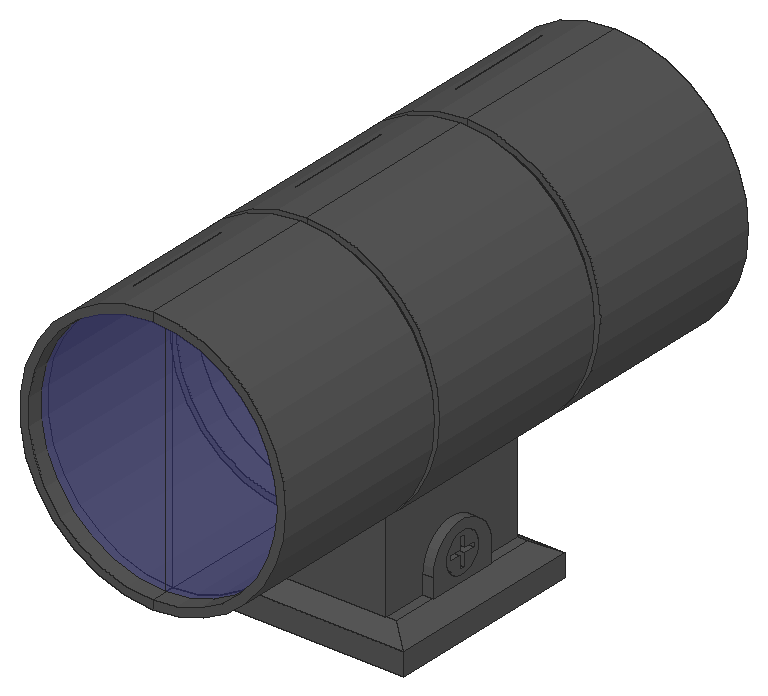
Revit family "CARLO CYLINDER LIGHT WALL MOUNT", category Lighting Fixtures, host Face, Revit 2020 (continued)
Parameters (values of type "CCL6-13-35SPSW8-PC-25-WM-BK")
    27.1 \r\n 2530.4 2735.7 2942.7 3149.5 3355.6 3560.1 3762.7 3965.2 4160.2 4339.4 \r\n 4507.2 4665.7 4812.8 4948 5069.2 5173.6 5263.3 5338.9 5403.2 5459.5 \r\n 5509.6 \r\n5444.5 5439.9 5380.1 5312.9 5233.2 5135.2 5022.9 4898.8 4762 4612.4 \r\n 4449.5 4271.9 4082.4 3881.6 3674.9 3467.6 3260.2 3055.4 2851.1 2645.9 \r\n 2441.2 2235.2 2036.4 1853.1 1684.7 1533.7 1398.1 1277.4 1170 1074.4 \r\n 990.84 919.72 858.99 807 762.81 725.09 693.28 666.72 644.39 625.11 \r\n 608.71 594.72 582.81 572.57 563.8 556.2 549.54 543.47 538.01 533.08 \r\n 528.64 524.77 521.12 517.25 513.58 510.61 507.72 504.21 500.87 498.59 \r\n 496.49 493.71 491.12 489.58 488.2 486.33 484.09 481.43 478.17 474.86 \r\n 469.17 458.88 444.21 424.14 400.2 373.36 344.21 313.34 281.7 250.59 \r\n 219.52 187.94 157.32 128.72 102.77 79.83 61.697 51.475 45.587 41.716 \r\n 39.189 36.433 33.834 31.217 28.686 26.211 24.018 22.428 21.116 19.846 \r\n 18.668 17.556 16.495 15.46 14.449 13.445 12.471 11.547 10.673 9.8716 \r\n 9.1019 8.3134 7.5571 6.8702 6.2443 5.685 5.1869 4.7462 4.3634 4.0465 \r\n 3.7699 3.5064 3.2682 3.06 2.877 2.7185 2.5768 2.4433 2.32 2.2063 \r\n 2.1014 2.0047 1.9153 1.8326 1.7559 1.6849 1.6174 1.5505 1.4853 1.4218 \r\n 1.3603 1.3013 1.2439 1.1872 1.1316 1.0771 1.0243 0.97488 0.92587 0.87272 \r\n 0.82137 0.77877 0.7374 0.68984 0.64278 0.60185 0.56278 0.52161 0.48308 0.45321 \r\n 0.4242 0.38776 0.35147 0.32095 0.29378 0.27141 0.24779 0.21708 0.18614 0.16203 \r\n 0.13826 0.1108 0.079388 0.036014 0 0 0 0 0 0 \r\n 0 0 0 0 0 0 0 0.040896 0.089542 0.12319 \r\n 0.15154 0.17555 0.19878 0.22676 0.25446 0.27737 0.29951 0.32558 0.35623 0.39655 \r\n 0.43783 0.46975 0.50217 0.54422 0.58768 0.62485 0.66324 0.71015 0.75848 0.80131 \r\n 0.8454 0.89727 0.9507 1.0002 1.05 1.1031 1.1578 1.2129 1.2689 1.3255 \r\n 1.384 1.4455 1.5096 1.5763 1.6448 1.7131 1.7843 1.8605 1.9429 2.0337 \r\n 2.1321 2.2378 2.3514 2.4728 2.604 2.7441 2.9013 3.0819 3.2901 3.5358 \r\n 3.808 4.09 4.4101 4.7907 5.2333 5.7537 6.3315 6.9452 7.6134 8.3604 \r\n 9.1482 9.9381 10.756 11.612 12.519 13.511 14.534 15.528 16.553 17.662 \r\n 18.823 19.989 21.263 22.672 24.391 26.744 29.307 31.693 34.114 36.597 \r\n 39.3 41.555 45.857 54.595 67.422 85.275 106.68 130.24 156.69 187.11 \r\n 219.18 250.84 282.48 314.14 344.88 373.94 400.72 424.65 444.88 460.16 \r\n 471.07 476.95 480.33 483.76 486.58 488.97 491.03 492.73 494.6 497.41 \r\n 500.36 502.61 505.03 508.48 512.12 515.16 518.28 522.06 526.09 530.08 \r\n 534.29 538.89 543.91 549.35 555.46 562.36 570.33 579.55 590.35 602.98 \r\n 617.8 635.02 655.29 678.84 707 740.31 781.3 833.7 894.39 960.9 \r\n 1035 1116 1208.8 1318.4 1444 1586.7 1744.7 1917 2102.4 2301.6 \r\n 2507.5 2712.5 2918.3 3123.8 3329.3 3534.9 3739.4 3943.9 4141.4 4324.5 \r\n 4496 4656.2 4804.3 4939.9 5062.1 5169.8 5263 5340 5405.1 5462.5 \r\n 5509.6 \r\n5444.5 5461 5402.8 5337 5258.8 5162.6 5052 4929.1 4793.3 4644.5 \r\n 4482.8 4308.1 4121.4 3921.9 3715.9 3509.8 3303.2 3098.4 2893.9 2689.3 \r\n 2484.7 2276.9 2075.9 1891 1720.4 1565.7 1426.4 1303.4 1194.5 1097.9 \r\n 1013.1 939.24 875.41 820.66 774.11 734.91 702.04 674.52 651.43 631.62 \r\n 614.78 600.31 587.96 577.36 568.26 560.36 553.47 547.29 541.77 536.78 \r\n 532.26 528.2 524.35 520.3 516.52 513.56 510.7 507.11 503.69 501.38 \r\n 499.25 496.4 493.73 492.16 490.78 488.94 486.75 484.16 480.97 477.74 \r\n 472.06 461.53 446.63 426.56 402.66 375.75 346.49 315.45 283.58 252.12 \r\n 220.68 188.74 157.88 129.4 103.7 81.126 63.122 52.19 45.527 41.53 \r\n 39.093 36.439 33.974 31.496 29.058 26.539 24.253 22.583 21.207 19.932 \r\n 18.761 17.627 16.543 15.509 14.504 13.494 12.515 11.597 10.73 9.9262 \r\n 9.1514 8.358 7.5994 6.9197 6.2995 5.7323 5.2243 4.7811 4.3974 4.0774 \r\n 3.7973 3.5306 3.2899 3.0812 2.8983 2.7398 2.5983 2.4655 2.3426 2.2283 \r\n 2.1225 2.0247 1.9345 1.8514 1.7744 1.7028 1.6341 1.565 1.4979 1.4346 \r\n 1.3737 1.3149 1.2576 1.201 1.1455 1.0907 1.0373 0.98695 0.9371 0.88414 \r\n 0.83317 0.79049 0.7488 0.70027 0.65275 0.61382 0.57639 0.5334 0.49241 0.46199 \r\n 0.43208 0.39186 0.35216 0.32187 0.29603 0.27455 0.25167 0.22194 0.19171 0.16761 \r\n 0.14348 0.11557 0.083289 0.037883 0 0 0 0 0 0 \r\n 0 0 0 0 0 0 0 0.037883 0.083289 0.11557 \r\n 0.14348 0.16761 0.19171 0.22194 0.25167 0.27455 0.29603 0.32187 0.35216 0.39186 \r\n 0.43208 0.46199 0.49241 0.5334 0.57639 0.61382 0.65275 0.70027 0.7488 0.79049 \r\n 0.83317 0.88414 0.9371 0.98695 1.0373 1.0907 1.1455 1.201 1.2576 1.3149 \r\n 1.3737 1.4346 1.4979 1.565 1.6341 1.7028 1.7744 1.8514 1.9345 2.0247 \r\n 2.1225 2.2283 2.3426 2.4655 2.5983 2.7398 2.8983 3.0812 3.2899 3.5306 \r\n 3.7973 4.0774 4.3974 4.7811 5.2243 5.7323 6.2995 6.9197 7.5994 8.358 \r\n 9.1514 9.9262 10.73 11.597 12.515 13.494 14.504 15.509 16.543 17.627 \r\n 18.761 19.932 21.207 22.583 24.254 26.539 29.058 31.496 33.974 36.439 \r\n 39.093 41.53 45.527 52.19 63.122 81.126 103.7 129.4 157.88 188.74 \r\n 220.68 252.12 283.58 315.45 346.49 375.75 402.66 426.56 446.63 461.53 \r\n 472.06 477.74 480.97 484.16 486.75 488.94 490.78 492.16 493.73 496.4 \r\n 499.25 501.38 503.69 507.11 510.7 513.56 516.52 520.3 524.35 528.2 \r\n 532.26 536.78 541.77 547.29 553.47 560.36 568.26 577.36 587.96 600.31 \r\n 614.78 631.62 651.43 674.52 702.04 734.91 774.11 820.66 875.41 939.24 \r\n 1013.1 1097.9 1194.5 1303.4 1426.4 1565.7 1720.4 1891 2075.9 2276.9 \r\n 2484.7 2689.3 2893.9 3098.4 3303.2 3509.8 3715.9 3921.9 4121.4 4308.1 \r\n 4482.8 4644.5 4793.3 4929.1 5052 5162.6 5258.8 5337 5402.8 5461 \r\n 5509.6 \r\n5444.5 5462.5 5405.1 5340 5263 5169.8 5062.1 4939.9 4804.3 4656.2 \r\n 4496 4324.5 4141.4 3943.9 3739.4 3534.9 3329.3 3123.8 2918.3 2712.5 \r\n 2507.5 2301.6 2102.4 1917 1744.7 1586.7 1444 1318.4 1208.8 1116 \r\n 1035 960.9 894.39 833.7 781.3 740.31 707 678.84 655.29 635.02 \r\n 617.8 602.98 590.35 579.55 570.33 562.36 555.46 549.35 543.91 538.89 \r\n 534.29 530.08 526.09 522.06 518.28 515.16 512.12 508.48 505.03 502.61 \r\n 500.36 497.41 494.6 492.73 491.03 488.97 486.58 483.76 480.33 476.95 \r\n 471.07 460.16 444.88 424.65 400.72 373.94 344.88 314.14 282.48 250.84 \r\n 219.18 187.11 156.69 130.24 106.68 85.275 67.422 54.595 45.857 41.555 \r\n 39.3 36.597 34.114 31.693 29.307 26.744 24.391 22.672 21.263 19.989 \r\n 18.823 17.662 16.553 15.528 14.534 13.511 12.519 11.612 10.756 9.9381 \r\n 9.1482 8.3604 7.6134 6.9452 6.3315 5.7537 5.2333 4.7907 4.4101 4.09 \r\n 3.808 3.5358 3.2901 3.0819 2.9013 2.7441 2.604 2.4728 2.3514 2.2378 \r\n 2.1321 2.0337 1.9429 1.8605 1.7843 1.7131 1.6448 1.5763 1.5096 1.4455 \r\n 1.384 1.3255 1.2689 1.2129 1.1578 1.1031 1.05 1.0002 0.9507 0.89727 \r\n 0.8454 0.80131 0.75848 0.71015 0.66324 0.62485 0.58768 0.54422 0.50217 0.46975 \r\n 0.43783 0.39655 0.35623 0.32558 0.29951 0.27737 0.25446 0.22676 0.19878 0.17555 \r\n 0.15154 0.12319 0.089542 0.040896 0 0 0 0 0 0 \r\n 0 0 0 0 0 0 0 0.036014 0.079388 0.1108 \r\n 0.13826 0.16203 0.18614 0.21708 0.24779 0.27141 0.29378 0.32095 0.35147 0.38776 \r\n 0.4242 0.45321 0.48308 0.52161 0.56278 0.60185 0.64278 0.68984 0.7374 0.77877 \r\n 0.82137 0.87272 0.92587 0.97488 1.0243 1.0771 1.1316 1.1872 1.2439 1.3013 \r\n 1.3603 1.4218 1.4853 1.5505 1.6174 1.6849 1.7559 1.8326 1.9153 2.0047 \r\n 2.1014 2.2063 2.32 2.4433 2.5768 2.7185 2.877 3.06 3.2682 3.5064 \r\n 3.7699 4.0465 4.3634 4.7462 5.1869 5.685 6.2443 6.8702 7.5571 8.3134 \r\n 9.1019 9.8716 10.673 11.547 12.471 13.445 14.449 15.46 16.495 17.556 \r\n 18.668 19.846 21.116 22.428 24.018 26.211 28.686 31.217 33.834 36.433 \r\n 39.189 41.716 45.587 51.475 61.697 79.83 102.77 128.72 157.32 187.94 \r\n 219.52 250.59 281.7 313.34 344.21 373.36 400.2 424.14 444.21 458.88 \r\n 469.17 474.86 478.17 481.43 484.09 486.33 488.2 489.58 491.12 493.71 \r\n 496.49 498.59 500.87 504.21 507.72 510.61 513.58 517.25 521.12 524.77 \r\n 528.64 533.08 538.01 543.47 549.54 556.2 563.8 572.57 582.81 594.72 \r\n 608.71 625.11 644.39 666.72 693.28 725.09 762.81 807 858.99 919.72 \r\n 990.84 1074.4 1170 1277.4 1398.1 1533.7 1684.7 1853.1 2036.4 2235.2 \r\n 2441.2 2645.9 2851.1 3055.4 3260.2 3467.6 3674.9 3881.6 4082.4 4271.9 \r\n 4449.5 4612.4 4762 4898.8 5022.9 5135.2 5233.2 5312.9 5380.1 5439.9 \r\n 5509.6 \r\n5444.5 5459.5 5403.2 5338.9 5263.3 5173.6 5069.2 4948 4812.8 4665.7 \r\n 4507.2 4339.4 4160.2 3965.2 3762.7 3560.1 3355.6 3149.5 2942.7 2735.7 \r\n 2530.4 2327.1 2130.3 1944.7 1770.6 1609.2 1463 1334.8 1224.3 1135.5 \r\n 1058.5 984.1 914.67 847.54 788.79 745.85 712.03 683.14 659.03 638.21 \r\n 620.49 605.28 592.33 581.33 571.99 563.97 557.07 551.05 545.68 540.64 \r\n 535.97 531.63 527.54 523.58 519.84 516.53 513.29 509.63 506.16 503.61 \r\n 501.2 498.15 495.18 492.96 490.88 488.56 485.92 482.8 479.09 475.5 \r\n 469.42 458.26 442.78 422.49 398.62 372.07 343.33 313.01 281.65 249.89 \r\n 218.09 185.97 156.1 131.83 110.56 90.324 72.522 57.526 46.438 41.753 \r\n 39.662 36.87 34.332 31.943 29.593 26.991 24.578 22.807 21.356 20.074 \r\n 18.904 17.715 16.583 15.563 14.578 13.541 12.536 11.641 10.795 9.9597 \r\n 9.1525 8.3718 7.638 6.9798 6.3707 5.7819 5.2488 4.8058 4.4272 4.1058 \r\n 3.8209 3.5423 3.2911 3.0828 2.9039 2.7475 2.6083 2.4785 2.3584 2.2454 \r\n 2.1398 2.0408 1.9495 1.8677 1.7923 1.7216 1.6539 1.5866 1.5206 1.4557 \r\n 1.3932 1.3351 1.2792 1.2237 1.1691 1.1148 1.062 1.0129 0.96393 0.91006 \r\n 0.85722 0.81151 0.76738 0.71939 0.67321 0.63505 0.59787 0.55433 0.51164 0.47709 \r\n 0.44311 0.40157 0.3614 0.33036 0.30372 0.28047 0.25722 0.2317 0.20621 0.18391 \r\n 0.16005 0.13145 0.096555 0.044309 0 0 0 0 0 0 \r\n 0 0 0 0 0 0 0 0.035089 0.077388 0.1081 \r\n 0.13507 0.15852 0.18259 0.21391 0.24533 0.26999 0.2937 0.32247 0.35328 0.38577 \r\n 0.41808 0.44652 0.47628 0.51233 0.55159 0.59246 0.63552 0.68191 0.72835 0.76972 \r\n 0.81266 0.86458 0.91799 0.96607 1.0143 1.0665 1.1206 1.1762 1.233 1.2904 \r\n 1.3494 1.4118 1.4755 1.5385 1.6028 1.669 1.7392 1.8155 1.8977 1.9862 \r\n 2.082 2.1858 2.2987 2.4225 2.5566 2.6984 2.8568 3.0399 3.2479 3.4847 \r\n 3.7462 4.0204 4.3349 4.7167 5.1553 5.6451 6.1982 6.8304 7.5241 8.2761 \r\n 9.0587 9.827 10.63 11.509 12.438 13.409 14.41 15.426 16.462 17.503 \r\n 18.595 19.785 21.053 22.304 23.814 25.913 28.343 30.974 33.746 36.508 \r\n 39.4 42.001 45.847 51.465 61.455 79.745 102.87 128.75 157.14 187.44 \r\n 218.63 249.31 280.05 311.36 341.94 370.87 397.55 421.44 441.43 455.75 \r\n 465.73 471.44 474.88 478.27 481.06 483.41 485.38 486.84 488.41 490.95 \r\n 493.66 495.77 498.05 501.29 504.72 507.67 510.68 514.21 517.88 521.31 \r\n 524.99 529.33 534.2 539.56 545.48 551.88 559.15 567.59 577.45 588.93 \r\n 602.48 618.5 637.31 658.91 684.55 715.3 751.75 794.42 844.51 902.65 \r\n 971.13 1052.8 1146.6 1252 1370.3 1502.3 1649.8 1816.2 1997.5 2193.2 \r\n 2396.8 2601.5 2807.5 3011.9 3217 3425.2 3633.4 3840.6 4042.3 4234.2 \r\n 4414.3 4578.1 4728.4 4866.2 4991.4 5105 5204.3 5285.3 5353.9 5415.2 \r\n 5509.6 \r\n5444.5 5453.7 5398.8 5335.6 5261.8 5175.8 5075.2 4955.4 4821.2 4675.5 \r\n 4519.2 4355.2 4180.1 3988.2 3788.2 3587.8 3384.6 3178 2970.2 2762.1 \r\n 2556.5 2356.1 2162.1 1976 1799.9 1635.2 1485.5 1354.4 1242.7 1157.2 \r\n 1083.5 1008.4 935.81 862.25 797.2 752.17 717.65 687.86 663.04 641.51 \r\n 623.17 607.46 594.14 582.91 573.42 565.32 558.41 552.44 547.14 542.07 \r\n 537.34 532.9 528.74 524.87 521.21 517.73 514.3 510.63 507.16 504.46 \r\n 501.88 498.73 495.61 493.02 490.53 487.92 485.01 481.58 477.57 473.75 \r\n 467.52 456.29 440.83 420.63 396.95 370.74 342.4 312.54 281.54 249.75 \r\n 217.89 185.8 156.49 134.28 115.11 95.876 77.976 60.747 47.273 42.152 \r\n 40.179 37.267 34.653 32.272 29.943 27.307 24.843 23.009 21.502 20.196 \r\n 19.012 17.796 16.641 15.621 14.64 13.59 12.575 11.689 10.851 9.9979 \r\n 9.173 8.3998 7.6791 7.0277 6.4201 5.8208 5.276 4.8308 4.4518 4.1272 \r\n 3.8378 3.5525 3.2955 3.0863 2.9079 2.7513 2.6122 2.4832 2.3639 2.2511 \r\n 2.1454 2.0459 1.9541 1.8727 1.7979 1.7277 1.6606 1.5945 1.5295 1.4636 \r\n 1.4001 1.3422 1.287 1.232 1.1779 1.1241 1.0718 1.0234 0.97482 0.92066 \r\n 0.86701 0.81971 0.77425 0.72662 0.68115 0.64293 0.6056 0.56236 0.51952 0.48299 \r\n 0.44716 0.40611 0.36676 0.33537 0.30798 0.28331 0.25949 0.23612 0.21315 0.19171 \r\n 0.16801 0.13947 0.10362 0.047786 0 0 0 0 0 0 \r\n 0 0 0 0 0 0 0.000000 0.035315 0.077723 0.10799 \r\n 0.13447 0.15776 0.18188 0.21334 0.24528 0.27119 0.29656 0.32696 0.3581 0.38685 \r\n 0.41521 0.44347 0.47352 0.50741 0.54496 0.58759 0.63265 0.67824 0.72354 0.76526 \r\n 0.80891 0.8615 0.9152 0.96243 1.0095 1.0611 1.1148 1.1703 1.2272 1.2844 \r\n 1.3435 1.4068 1.4707 1.5314 1.5931 1.6581 1.7275 1.8032 1.885 1.9726 \r\n 2.0674 2.1701 2.2823 2.4063 2.541 2.6828 2.8412 3.0244 3.2323 3.4687 \r\n 3.7295 4.0026 4.3157 4.6968 5.1336 5.6174 6.1664 6.8051 7.5051 8.2521 \r\n 9.029 9.7994 10.607 11.491 12.424 13.393 14.392 15.413 16.451 17.475 \r\n 18.55 19.754 21.024 22.218 23.652 25.659 28.045 30.776 33.706 36.638 \r\n 39.684 42.34 46.258 52.107 62.334 80.786 103.93 129.56 157.58 187.51 \r\n 218.32 248.66 279.05 309.97 340.19 368.83 395.26 419 438.8 452.66 \r\n 462.24 467.96 471.56 475.11 478.07 480.56 482.64 484.24 485.91 488.41 \r\n 491.05 493.2 495.52 498.66 502 505.03 508.1 511.48 514.93 518.15 \r\n 521.65 525.89 530.67 535.91 541.65 547.77 554.72 562.83 572.33 583.41 \r\n 596.54 612.24 630.63 651.56 676.37 706.13 741.5 783.25 832.18 888.46 \r\n 954.75 1034.1 1125.5 1228.5 1344.2 1472.8 1617 1781.4 1960.8 2153 \r\n 2353.6 2558.3 2765.2 2970 3175.6 3384.6 3593.6 3801.2 4003.7 4197.5 \r\n 4379.5 4544.2 4695.1 4833.9 4960.1 5074.5 5174.8 5257 5326.9 5389.5 \r\n 5509.6 \r\n5444.5 5446.9 5393.8 5332.2 5260.5 5178.6 5082 4964.4 4831.8 4688 \r\n 4534.2 4374.4 4203.6 4015.3 3818.4 3620.5 3418.8 3212.2 3003.6 2794.7 \r\n 2589.1 2391.4 2199.9 2013.1 1834.7 1666.8 1513.5 1379.2 1265.6 1181.7 \r\n 1109.8 1033.2 957.34 877.9 807.16 759.93 724.39 693.47 667.7 645.26 \r\n 626.14 609.81 596.02 584.47 574.78 566.55 559.57 553.61 548.31 543.21 \r\n 538.42 533.92 529.74 525.98 522.42 518.81 515.22 511.57 508.11 505.27 \r\n 502.5 499.26 496 493.06 490.18 487.29 484.13 480.38 476.1 472.07 \r\n 465.76 454.71 439.55 419.64 396.3 370.52 342.64 313.25 282.61 250.87 \r\n 219.04 187.07 158.27 137.7 120.12 101.53 83.341 64.024 48.365 42.78 \r\n 40.848 37.798 35.098 32.704 30.383 27.722 25.213 23.3 21.714 20.366 \r\n 19.154 17.911 16.736 15.71 14.725 13.666 12.643 11.764 10.931 10.06 \r\n 9.2184 8.4522 7.7425 7.0931 6.4829 5.8747 5.3198 4.8698 4.4869 4.1563 \r\n 3.8605 3.5687 3.3062 3.0946 2.915 2.7568 2.6164 2.4873 2.3682 2.2549 \r\n 2.1487 2.0486 1.9565 1.8749 1.8003 1.7303 1.6637 1.5989 1.5347 1.468 \r\n 1.4033 1.3456 1.2908 1.2363 1.1826 1.1294 1.0777 1.0297 0.98139 0.92721 \r\n 0.87316 0.82452 0.77787 0.73048 0.68551 0.64704 0.6095 0.56696 0.52451 0.48643 \r\n 0.44924 0.40935 0.3714 0.33981 0.31159 0.28536 0.26079 0.23936 0.21873 0.19796 \r\n 0.1744 0.14632 0.11003 0.050992 0 0 0 0 0 0 \r\n 0 0 0 0 0 0 0.0010498 0.03749 0.080825 0.11093 \r\n 0.13703 0.16043 0.18478 0.21626 0.24858 0.27592 0.30309 0.33499 0.3664 0.39199 \r\n 0.41707 0.44556 0.47631 0.50871 0.54506 0.5892 0.63587 0.68061 0.7249 0.76729 \r\n 0.81196 0.86525 0.91925 0.96583 1.0121 1.0631 1.1165 1.1718 1.2287 1.2858 \r\n 1.3449 1.4088 1.4729 1.5316 1.5909 1.6549 1.7236 1.7989 1.8802 1.967 \r\n 2.061 2.1626 2.274 2.3982 2.5332 2.6751 2.8334 3.0168 3.2249 3.4619 \r\n 3.7233 3.9969 4.3101 4.6905 5.1261 5.6067 6.1541 6.7989 7.5046 8.2475 \r\n 9.0203 9.7961 10.61 11.498 12.434 13.402 14.402 15.429 16.469 17.477 \r\n 18.54 19.759 21.034 22.177 23.543 25.464 27.808 30.632 33.709 36.799 \r\n 39.999 42.685 46.773 53.345 64.272 82.864 105.89 131.2 158.82 188.43 \r\n 218.94 249.01 279.11 309.65 339.47 367.76 393.89 417.36 436.84 450.11 \r\n 459.19 464.88 468.64 472.36 475.51 478.12 480.33 482.12 483.93 486.4 \r\n 488.98 491.2 493.56 496.6 499.85 502.97 506.11 509.34 512.59 515.63 \r\n 518.96 523.1 527.77 532.85 538.39 544.25 550.9 558.71 567.89 578.6 \r\n 591.36 606.77 624.8 645.15 669.24 698.12 732.63 773.85 822.18 877.57 \r\n 942.48 1019.6 1108.3 1208.2 1320.8 1446.3 1587.8 1750.3 1927.7 2116.3 \r\n 2314 2518.5 2726.2 2931.6 3138 3347.8 3557.6 3765.8 3968.9 4164.2 \r\n 4347.7 4513.2 4664.6 4804.4 4931.5 5046.4 5147.3 5230.5 5301.6 5365.3 \r\n 5509.6 \r\n5444.5 5444.3 5394.3 5335.6 5267.1 5189 5096.5 4982.8 4854 4713.2 \r\n 4562.4 4406.8 4240.6 4056.9 3864.1 3669.1 3469.4 3263.7 3055.7 2847.3 \r\n 2642.3 2445.8 2254.7 2065.7 1884.1 1713.1 1556.3 1418 1300.1 1212.3 \r\n 1136.6 1056.4 977.02 894.17 820.48 771.3 734.2 701.6 674.29 650.52 \r\n 630.28 613.04 598.54 586.53 576.5 567.96 560.
